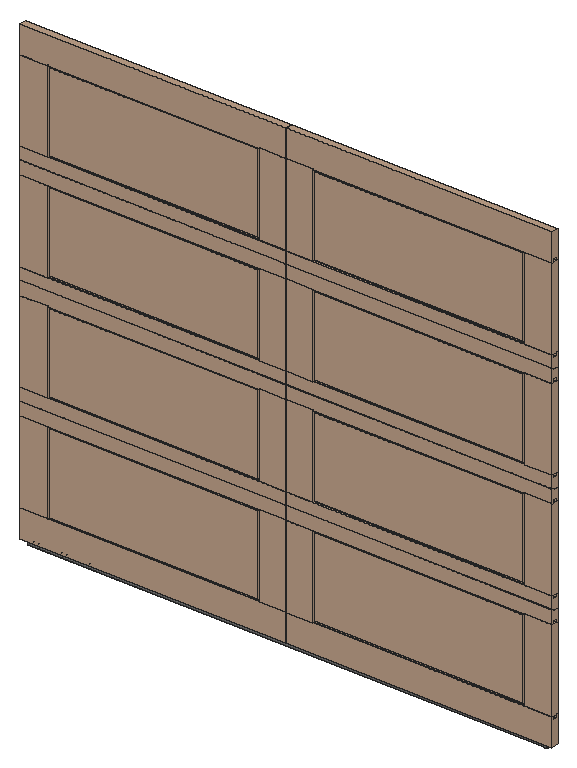
Revit family "GSNGL 4V BARN2", category Doors, host Wall, Revit 2024
Family settings
  Host = Wall
  OmniClass Number = 23.30.10.00
  OmniClass Title = Doors
  Always vertical = Yes
  Cut with Voids When Loaded = No
  Shared = No
  Room Calculation Point = No
Parameters
  Wall Opening [instance] = 4880 mm
  Function = Interior
  Frame Projection Ext. = 25 mm
  Frame Projection Int. = 25 mm
  Frame Width = 75 mm
  Height = 2135 mm
  Wall Closure = By host
  Width = 2440 mm
Reference planes
  plane 1: y = 0
  plane 2 "Center (Left/Right)": x = 0
  plane 3: z = 2135
  plane 4 "Exterior": y = 75
  plane 5 "Interior": y = -75
  plane 6 "Garage Bottom": y = 75
  plane 7: z = 19.954
  plane 8 "Garage Top": z = 2190
  plane 9 "Garage Right": x = -1250
  plane 10 "Garage Left": x = 1250
Forms (mm)
  Extrusion 1, solid, material "VERSAWOOD (TEST)"
    sketch origin (2744.172, 260, 2019.5) x (0, -1, 0) y (-1, 0, 0)
      loop
        line (375, 2742.172) -> (375, 2619.172) -> (380, 2619.172) -> (380, 2634.172) -> (390, 2634.172) -> (400, 2634.172) -> (400, 2619.172) -> (405, 2619.172) -> (405, 2742.172) -> (403, 2744.172) -> (405, 2746.172) -> (405, 2869.172) -> (400, 2869.172) -> (400, 2854.172) -> (390, 2854.172) -> (380, 2854.172) -> (380, 2869.172) -> (375, 2869.172) -> (375, 2746.172) -> (377, 2744.172) -> (375, 2742.172)
      loop
        line (375, 3994.172) -> (375, 3864.172) -> (380, 3864.172) -> (380, 3879.172) -> (390, 3879.172) -> (400, 3879.172) -> (400, 3864.172) -> (405, 3864.172) -> (405, 3994.172) -> (375, 3994.172)
      loop
        line (375, 1494.172) -> (405, 1494.172) -> (405, 1624.172) -> (400, 1624.172) -> (400, 1609.172) -> (390, 1609.172) -> (380, 1609.172) -> (380, 1624.172) -> (375, 1624.172) -> (375, 1494.172)
    from -40.5 to 346
  Extrusion 2, solid, material "VERSAWOOD (TEST 2)"
    sketch origin (1235, -40, 20.546) x (0, -1, 0) y (0, 0, -1)
      loop
        line (75, -2169.454) -> (105, -2169.454) -> (105, -2039.454) -> (100, -2039.454) -> (100, -2054.454) -> (90, -2054.454) -> (80, -2054.454) -> (80, -2039.454) -> (75, -2039.454) -> (75, -2169.454)
    from -2485 to -1235
  Extrusion 3, solid, material "VERSAWOOD (TEST 2)"
    sketch origin (1235, -40, -85.457) x (0, -1, 0) y (0, 0, -1)
      loop
        line (80, -1743.957) -> (100, -1743.957) -> (100, -1758.957) -> (105, -1758.957) -> (105, -1702.957) -> (103, -1702.957)
        arc (103, -1702.957) -> (102.106, -1702.832) -> (101.279, -1702.468) r 3.273
        line (101.279, -1702.468) -> (89.127, -1694.957) -> (75, -1694.957) -> (75, -1758.957) -> (80, -1758.957) -> (80, -1743.957)
      loop
        line (80, -1652.957) -> (80, -1637.957) -> (75, -1637.957) -> (75, -1693.957) -> (88.766, -1693.957)
        arc (88.766, -1693.957) -> (89.387, -1694.043) -> (89.961, -1694.296) r 2.273
        line (89.961, -1694.296) -> (101.805, -1701.617)
        arc (101.805, -1701.617) -> (102.379, -1701.87) -> (103, -1701.957) r 2.273
        line (103, -1701.957) -> (105, -1701.957) -> (105, -1637.957) -> (100, -1637.957) -> (100, -1652.957) -> (80, -1652.957)
    from -2485 to -1235
  Extrusion 4, solid, material "VERSAWOOD (TEST 2)"
    sketch origin (2471, -40, 20.546) x (0, -1, 0) y (0, 0, -1)
      loop
        line (75, -2169.454) -> (105, -2169.454) -> (105, -2039.454) -> (100, -2039.454) -> (100, -2054.454) -> (90, -2054.454) -> (80, -2054.454) -> (80, -2039.454) -> (75, -2039.454) -> (75, -2169.454)
    from -2471 to -1221
  Extrusion 5, solid, material "VERSAWOOD (TEST 2)"
    sketch origin (2471, -40, -85.457) x (0, -1, 0) y (0, 0, -1)
      loop
        line (80, -1743.957) -> (100, -1743.957) -> (100, -1758.957) -> (105, -1758.957) -> (105, -1702.957) -> (103, -1702.957)
        arc (103, -1702.957) -> (102.106, -1702.832) -> (101.279, -1702.468) r 3.273
        line (101.279, -1702.468) -> (89.127, -1694.957) -> (75, -1694.957) -> (75, -1758.957) -> (80, -1758.957) -> (80, -1743.957)
      loop
        line (80, -1652.957) -> (80, -1637.957) -> (75, -1637.957) -> (75, -1693.957) -> (88.766, -1693.957)
        arc (88.766, -1693.957) -> (89.387, -1694.043) -> (89.961, -1694.296) r 2.273
        line (89.961, -1694.296) -> (101.805, -1701.617)
        arc (101.805, -1701.617) -> (102.379, -1701.87) -> (103, -1701.957) r 2.273
        line (103, -1701.957) -> (105, -1701.957) -> (105, -1637.957) -> (100, -1637.957) -> (100, -1652.957) -> (80, -1652.957)
    from -2471 to -1221
  Extrusion 6, solid, material "VERSAWOOD (TEST 2)"
    sketch origin (1235, -40, -592.957) x (0, -1, 0) y (0, 0, -1)
      loop
        line (80, -1743.957) -> (100, -1743.957) -> (100, -1758.957) -> (105, -1758.957) -> (105, -1702.957) -> (103, -1702.957)
        arc (103, -1702.957) -> (102.106, -1702.832) -> (101.279, -1702.468) r 3.273
        line (101.279, -1702.468) -> (89.127, -1694.957) -> (75, -1694.957) -> (75, -1758.957) -> (80, -1758.957) -> (80, -1743.957)
      loop
        line (80, -1652.957) -> (80, -1637.957) -> (75, -1637.957) -> (75, -1693.957) -> (88.766, -1693.957)
        arc (88.766, -1693.957) -> (89.387, -1694.043) -> (89.961, -1694.296) r 2.273
        line (89.961, -1694.296) -> (101.805, -1701.617)
        arc (101.805, -1701.617) -> (102.379, -1701.87) -> (103, -1701.957) r 2.273
        line (103, -1701.957) -> (105, -1701.957) -> (105, -1637.957) -> (100, -1637.957) -> (100, -1652.957) -> (80, -1652.957)
    from -2485 to -1235
  Extrusion 7, solid, material "VERSAWOOD (TEST 2)"
    sketch origin (2471, -40, -592.957) x (0, -1, 0) y (0, 0, -1)
      loop
        line (80, -1743.957) -> (100, -1743.957) -> (100, -1758.957) -> (105, -1758.957) -> (105, -1702.957) -> (103, -1702.957)
        arc (103, -1702.957) -> (102.106, -1702.832) -> (101.279, -1702.468) r 3.273
        line (101.279, -1702.468) -> (89.127, -1694.957) -> (75, -1694.957) -> (75, -1758.957) -> (80, -1758.957) -> (80, -1743.957)
      loop
        line (80, -1652.957) -> (80, -1637.957) -> (75, -1637.957) -> (75, -1693.957) -> (88.766, -1693.957)
        arc (88.766, -1693.957) -> (89.387, -1694.043) -> (89.961, -1694.296) r 2.273
        line (89.961, -1694.296) -> (101.805, -1701.617)
        arc (101.805, -1701.617) -> (102.379, -1701.87) -> (103, -1701.957) r 2.273
        line (103, -1701.957) -> (105, -1701.957) -> (105, -1637.957) -> (100, -1637.957) -> (100, -1652.957) -> (80, -1652.957)
    from -2471 to -1221
  Extrusion 8, solid, material "VERSAWOOD (TEST 2)"
    sketch origin (1235, -40, -1100.957) x (0, -1, 0) y (0, 0, -1)
      loop
        line (80, -1743.957) -> (100, -1743.957) -> (100, -1758.957) -> (105, -1758.957) -> (105, -1702.957) -> (103, -1702.957)
        arc (103, -1702.957) -> (102.106, -1702.832) -> (101.279, -1702.468) r 3.273
        line (101.279, -1702.468) -> (89.127, -1694.957) -> (75, -1694.957) -> (75, -1758.957) -> (80, -1758.957) -> (80, -1743.957)
      loop
        line (80, -1652.957) -> (80, -1637.957) -> (75, -1637.957) -> (75, -1693.957) -> (88.766, -1693.957)
        arc (88.766, -1693.957) -> (89.387, -1694.043) -> (89.961, -1694.296) r 2.273
        line (89.961, -1694.296) -> (101.805, -1701.617)
        arc (101.805, -1701.617) -> (102.379, -1701.87) -> (103, -1701.957) r 2.273
        line (103, -1701.957) -> (105, -1701.957) -> (105, -1637.957) -> (100, -1637.957) -> (100, -1652.957) -> (80, -1652.957)
    from -2485 to -1235
  Extrusion 9, solid, material "VERSAWOOD (TEST 2)"
    sketch origin (2471, -40, -1100.957) x (0, -1, 0) y (0, 0, -1)
      loop
        line (80, -1743.957) -> (100, -1743.957) -> (100, -1758.957) -> (105, -1758.957) -> (105, -1702.957) -> (103, -1702.957)
        arc (103, -1702.957) -> (102.106, -1702.832) -> (101.279, -1702.468) r 3.273
        line (101.279, -1702.468) -> (89.127, -1694.957) -> (75, -1694.957) -> (75, -1758.957) -> (80, -1758.957) -> (80, -1743.957)
      loop
        line (80, -1652.957) -> (80, -1637.957) -> (75, -1637.957) -> (75, -1693.957) -> (88.766, -1693.957)
        arc (88.766, -1693.957) -> (89.387, -1694.043) -> (89.961, -1694.296) r 2.273
        line (89.961, -1694.296) -> (101.805, -1701.617)
        arc (101.805, -1701.617) -> (102.379, -1701.87) -> (103, -1701.957) r 2.273
        line (103, -1701.957) -> (105, -1701.957) -> (105, -1637.957) -> (100, -1637.957) -> (100, -1652.957) -> (80, -1652.957)
    from -2471 to -1221
  Extrusion 10, solid, material "VERSAWOOD (TEST 2)"
    sketch origin (1230, -40, 2189.454) x (0, -1, 0) y (0, 0, -1)
      loop
        line (75, 2169.454) -> (75, 2039.454) -> (80, 2039.454) -> (80, 2054.454) -> (90, 2054.454) -> (100, 2054.454) -> (100, 2039.454) -> (105, 2039.454) -> (105, 2169.454) -> (75, 2169.454)
    from -2480 to -1230
  Extrusion 11, solid, material "VERSAWOOD (TEST 2)"
    sketch origin (-1230, -40, 2189.454) x (0, -1, 0) y (0, 0, 1)
      loop
        line (75, -2169.454) -> (105, -2169.454) -> (105, -2039.454) -> (100, -2039.454) -> (100, -2054.454) -> (90, -2054.454) -> (80, -2054.454) -> (80, -2039.454) -> (75, -2039.454) -> (75, -2169.454)
    from -2480 to -1230
  Extrusion 12, void
    sketch origin (-1240, -40, 20) x (0, 1, 0) y (0, 0, 1)
      loop
        line (-80, 517) -> (-80, 509) -> (-77, 509) -> (-77, 517) -> (-80, 517)
      loop
        line (-103, 517) -> (-103, 509) -> (-100, 509) -> (-100, 517) -> (-103, 517)
      loop
        line (-80, 138) -> (-80, 130) -> (-77, 130) -> (-77, 138) -> (-80, 138)
      loop
        line (-103, 138) -> (-103, 130) -> (-100, 130) -> (-100, 138) -> (-103, 138)
    from 124.14 to 1110
  Extrusion 13, void
    sketch origin (-5, -40, 20) x (0, 1, 0) y (0, 0, 1)
      loop
        line (-80, 517) -> (-80, 509) -> (-77, 509) -> (-77, 517) -> (-80, 517)
      loop
        line (-103, 517) -> (-103, 509) -> (-100, 509) -> (-100, 517) -> (-103, 517)
      loop
        line (-80, 138) -> (-80, 130) -> (-77, 130) -> (-77, 138) -> (-80, 138)
      loop
        line (-103, 138) -> (-103, 130) -> (-100, 130) -> (-100, 138) -> (-103, 138)
    from 133.947 to 1120
  Extrusion 14, void
    sketch origin (-1240, -40, 528) x (0, 1, 0) y (0, 0, 1)
      loop
        line (-80, 517) -> (-80, 509) -> (-77, 509) -> (-77, 517) -> (-80, 517)
      loop
        line (-103, 517) -> (-103, 509) -> (-100, 509) -> (-100, 517) -> (-103, 517)
      loop
        line (-80, 138) -> (-80, 130) -> (-77, 130) -> (-77, 138) -> (-80, 138)
      loop
        line (-103, 138) -> (-103, 130) -> (-100, 130) -> (-100, 138) -> (-103, 138)
    from 125.573 to 1110
  Extrusion 15, void
    sketch origin (-5, -40, 528) x (0, 1, 0) y (0, 0, 1)
      loop
        line (-80, 517) -> (-80, 509) -> (-77, 509) -> (-77, 517) -> (-80, 517)
      loop
        line (-103, 517) -> (-103, 509) -> (-100, 509) -> (-100, 517) -> (-103, 517)
      loop
        line (-80, 138) -> (-80, 130) -> (-77, 130) -> (-77, 138) -> (-80, 138)
      loop
        line (-103, 138) -> (-103, 130) -> (-100, 130) -> (-100, 138) -> (-103, 138)
    from 134.055 to 1120
  Extrusion 16, void
    sketch origin (-5, -40, 1035.5) x (0, 1, 0) y (0, 0, 1)
      loop
        line (-80, 517) -> (-80, 509) -> (-77, 509) -> (-77, 517) -> (-80, 517)
      loop
        line (-103, 517) -> (-103, 509) -> (-100, 509) -> (-100, 517) -> (-103, 517)
      loop
        line (-80, 138) -> (-80, 130) -> (-77, 130) -> (-77, 138) -> (-80, 138)
      loop
        line (-103, 138) -> (-103, 130) -> (-100, 130) -> (-100, 138) -> (-103, 138)
    from 133.994 to 1120
  Extrusion 17, void
    sketch origin (-1240, -40, 1543) x (0, 1, 0) y (0, 0, 1)
      loop
        line (-80, 517) -> (-80, 509) -> (-77, 509) -> (-77, 517) -> (-80, 517)
      loop
        line (-103, 517) -> (-103, 509) -> (-100, 509) -> (-100, 517) -> (-103, 517)
      loop
        line (-80, 138) -> (-80, 130) -> (-77, 130) -> (-77, 138) -> (-80, 138)
      loop
        line (-103, 138) -> (-103, 130) -> (-100, 130) -> (-100, 138) -> (-103, 138)
    from 130 to 1115
  Extrusion 18, void
    sketch origin (-5, -40, 1543) x (0, 1, 0) y (0, 0, 1)
      loop
        line (-80, 517) -> (-80, 509) -> (-77, 509) -> (-77, 517) -> (-80, 517)
      loop
        line (-103, 517) -> (-103, 509) -> (-100, 509) -> (-100, 517) -> (-103, 517)
      loop
        line (-80, 138) -> (-80, 130) -> (-77, 130) -> (-77, 138) -> (-80, 138)
      loop
        line (-103, 138) -> (-103, 130) -> (-100, 130) -> (-100, 138) -> (-103, 138)
    from 133.187 to 1120
  Extrusion 19, void
    sketch origin (-1240, -40, 1035.5) x (0, 1, 0) y (0, 0, 1)
      loop
        line (-80, 517) -> (-80, 509) -> (-77, 509) -> (-77, 517) -> (-80, 517)
      loop
        line (-103, 517) -> (-103, 509) -> (-100, 509) -> (-100, 517) -> (-103, 517)
      loop
        line (-80, 138) -> (-80, 130) -> (-77, 130) -> (-77, 138) -> (-80, 138)
      loop
        line (-103, 138) -> (-103, 130) -> (-100, 130) -> (-100, 138) -> (-103, 138)
    from 125.849 to 1110
  Extrusion 20, void
    sketch origin (5, -40, 1543) x (0, 1, 0) y (0, 0, -1)
      loop
        line (-80, -517) -> (-77, -517) -> (-77, -509) -> (-80, -509) -> (-80, -517)
      loop
        line (-103, -517) -> (-100, -517) -> (-100, -509) -> (-103, -509) -> (-103, -517)
      loop
        line (-80, -138) -> (-77, -138) -> (-77, -130) -> (-80, -130) -> (-80, -138)
      loop
        line (-103, -138) -> (-100, -138) -> (-100, -130) -> (-103, -130) -> (-103, -138)
    from 130 to 1120
  Extrusion 21, solid, material "Rubber"
    sketch origin (0, -29, 0.091) x (0, 1, 0) y (0, 0, 1)
      loop
        line (-111, 19.909) -> (-111, 16.909) -> (-106, 16.909) -> (-106, 14.004)
        spline (-106, 14.004) -> (-109.192, 11.809) -> (-110.848, 8.808) -> (-110.659, 5.562) -> (-108.66, 2.681) -> (-105.226, 0.703) -> (-101, 0) -> (-96.774, 0.703) -> (-93.34, 2.681) -> (-91.341, 5.562) -> (-91.152, 8.808) -> (-92.808, 11.809) -> (-96, 14.004)
        line (-96, 14.004) -> (-96, 16.909) -> (-91, 16.909) -> (-91, 19.909) -> (-111, 19.909)
      loop
        line (-98, 16.909) -> (-104, 16.909) -> (-104, 14.633)
        arc (-104, 14.633) -> (-101, 15.009) -> (-98, 14.633) r 12.129
        line (-98, 14.633) -> (-98, 16.909)
      loop
        spline (-101, 1.513) -> (-98.929, 1.717) -> (-97, 2.316) -> (-95.343, 3.268) -> (-94.072, 4.509) -> (-93.273, 5.954) -> (-93, 7.505) -> (-93.273, 9.055) -> (-94.072, 10.501) -> (-95.343, 11.742) -> (-97, 12.694) -> (-98.929, 13.292) -> (-101, 13.496)
        spline (-101, 13.496) -> (-103.071, 13.292) -> (-105, 12.694) -> (-106.657, 11.742) -> (-107.928, 10.501) -> (-108.727, 9.055) -> (-109, 7.505) -> (-108.727, 5.954) -> (-107.928, 4.509) -> (-106.657, 3.268) -> (-105, 2.316) -> (-103.071, 1.717) -> (-101, 1.513)
    from -1220 to 1220
  Extrusion 22, solid, material "STEEL POWDERCOATED"
    sketch origin (63.5, -115, 798.467) x (1, 0, 0) y (0, 0, -1)
      loop
        line (27.5, -274.033) -> (27.5, -219.033) -> (-27.5, -219.033) -> (-27.5, -274.033) -> (27.5, -274.033)
    from 0 to 5
  Revolve 23, solid, material "STEEL POWDERCOATED"
    sketch origin (63.5, -152.794, 993.467) x (1, 0, 0) y (0, 1, 0)
      loop
        circle (-52.591, 49.785) r 6.993
      axis (0, 49.785) -> (0, 50.785)
    angle from 0 to 360
  Extrusion 24, solid, material "STEEL POWDERCOATED"
    sketch origin (-63.5, -115, 798.467) x (1, 0, 0) y (0, 0, -1)
      loop
        line (27.5, -274.033) -> (27.5, -219.033) -> (-27.5, -219.033) -> (-27.5, -274.033) -> (27.5, -274.033)
    from 0 to 5
  Extrusion 25, void
    sketch origin (-63.5, -115, 121.13) x (1, 0, 0) y (0, 0, -1)
      loop
        circle (0, -942.37) r 4
      loop
        circle (0, -905.37) r 4
    from 0 to 5
  Revolve 26, solid, material "STEEL POWDERCOATED"
    sketch origin (-63.5, -152.794, 993.467) x (1, 0, 0) y (0, 1, 0)
      loop
        circle (-52.591, 49.785) r 6.993
      axis (0, 49.785) -> (0, 50.785)
    angle from 0 to 360
  Extrusion 27, void
    sketch origin (63.5, -115, 121.13) x (-1, 0, 0) y (0, 0, 1)
      loop
        circle (0, 942.37) r 4
      loop
        circle (0, 905.37) r 4
    from 0 to 5
  Extrusion 28, void
    sketch origin (-7863.5, -115, 121.13) x (1, 0, 0) y (0, 0, -1)
      loop
        circle (0, -942.37) r 4
      loop
        circle (0, -905.37) r 4
    from 0 to 5
  Extrusion 29, void
    sketch origin (-7736.5, -115, 121.13) x (-1, 0, 0) y (0, 0, 1)
      loop
        circle (0, 942.37) r 4
      loop
        circle (0, 905.37) r 4
    from 0 to 5
  Extrusion 30, solid, material "VERSAWOOD (TEST)"
    sketch origin (2744.172, 260, 1512) x (0, -1, 0) y (-1, 0, 0)
      loop
        line (375, 2742.172) -> (375, 2619.172) -> (380, 2619.172) -> (380, 2634.172) -> (390, 2634.172) -> (400, 2634.172) -> (400, 2619.172) -> (405, 2619.172) -> (405, 2742.172) -> (403, 2744.172) -> (405, 2746.172) -> (405, 2869.172) -> (400, 2869.172) -> (400, 2854.172) -> (390, 2854.172) -> (380, 2854.172) -> (380, 2869.172) -> (375, 2869.172) -> (375, 2746.172) -> (377, 2744.172) -> (375, 2742.172)
      loop
        line (375, 3994.172) -> (375, 3864.172) -> (380, 3864.172) -> (380, 3879.172) -> (390, 3879.172) -> (400, 3879.172) -> (400, 3864.172) -> (405, 3864.172) -> (405, 3994.172) -> (375, 3994.172)
      loop
        line (375, 1494.172) -> (405, 1494.172) -> (405, 1624.172) -> (400, 1624.172) -> (400, 1609.172) -> (390, 1609.172) -> (380, 1609.172) -> (380, 1624.172) -> (375, 1624.172) -> (375, 1494.172)
    from -40.5 to 346
  Extrusion 31, solid, material "VERSAWOOD (TEST)"
    sketch origin (2744.172, 260, 1004.5) x (0, -1, 0) y (-1, 0, 0)
      loop
        line (375, 2742.172) -> (375, 2619.172) -> (380, 2619.172) -> (380, 2634.172) -> (390, 2634.172) -> (400, 2634.172) -> (400, 2619.172) -> (405, 2619.172) -> (405, 2742.172) -> (403, 2744.172) -> (405, 2746.172) -> (405, 2869.172) -> (400, 2869.172) -> (400, 2854.172) -> (390, 2854.172) -> (380, 2854.172) -> (380, 2869.172) -> (375, 2869.172) -> (375, 2746.172) -> (377, 2744.172) -> (375, 2742.172)
      loop
        line (375, 3994.172) -> (375, 3864.172) -> (380, 3864.172) -> (380, 3879.172) -> (390, 3879.172) -> (400, 3879.172) -> (400, 3864.172) -> (405, 3864.172) -> (405, 3994.172) -> (375, 3994.172)
      loop
        line (375, 1494.172) -> (405, 1494.172) -> (405, 1624.172) -> (400, 1624.172) -> (400, 1609.172) -> (390, 1609.172) -> (380, 1609.172) -> (380, 1624.172) -> (375, 1624.172) -> (375, 1494.172)
    from -40.5 to 346.5
  Extrusion 32, solid, material "VERSAWOOD (TEST)"
    sketch origin (2744.172, 260, 496.5) x (0, -1, 0) y (-1, 0, 0)
      loop
        line (375, 2742.172) -> (375, 2619.172) -> (380, 2619.172) -> (380, 2634.172) -> (390, 2634.172) -> (400, 2634.172) -> (400, 2619.172) -> (405, 2619.172) -> (405, 2742.172) -> (403, 2744.172) -> (405, 2746.172) -> (405, 2869.172) -> (400, 2869.172) -> (400, 2854.172) -> (390, 2854.172) -> (380, 2854.172) -> (380, 2869.172) -> (375, 2869.172) -> (375, 2746.172) -> (377, 2744.172) -> (375, 2742.172)
      loop
        line (375, 3994.172) -> (375, 3864.172) -> (380, 3864.172) -> (380, 3879.172) -> (390, 3879.172) -> (400, 3879.172) -> (400, 3864.172) -> (405, 3864.172) -> (405, 3994.172) -> (375, 3994.172)
      loop
        line (375, 1494.172) -> (405, 1494.172) -> (405, 1624.172) -> (400, 1624.172) -> (400, 1609.172) -> (390, 1609.172) -> (380, 1609.172) -> (380, 1624.172) -> (375, 1624.172) -> (375, 1494.172)
    from -40.5 to 346.5
  Extrusion 33, solid, material "VERSAWOOD (TEST 2)"
    sketch origin (-3690, -40, 1543) x (1, 0, 0) y (0, 1, 0)
      loop
        line (4825, -80) -> (4802, -80) -> (4802, -77) -> (3823, -77) -> (3823, -80) -> (3800, -80) -> (3800, -100) -> (3823, -100) -> (3823, -103) -> (4802, -103) -> (4802, -100) -> (4825, -100) -> (4825, -80)
      loop
        line (3580, -80) -> (3557, -80) -> (3557, -77) -> (2578, -77) -> (2578, -80) -> (2555, -80) -> (2555, -100) -> (2578, -100) -> (2578, -103) -> (3557, -103) -> (3557, -100) -> (3580, -100) -> (3580, -80)
    from 130.5 to 517
  Extrusion 34, solid, material "VERSAWOOD (TEST 2)"
    sketch origin (-3690, -40, 1035.5) x (1, 0, 0) y (0, 1, 0)
      loop
        line (4825, -80) -> (4802, -80) -> (4802, -77) -> (3823, -77) -> (3823, -80) -> (3800, -80) -> (3800, -100) -> (3823, -100) -> (3823, -103) -> (4802, -103) -> (4802, -100) -> (4825, -100) -> (4825, -80)
      loop
        line (3580, -80) -> (3557, -80) -> (3557, -77) -> (2578, -77) -> (2578, -80) -> (2555, -80) -> (2555, -100) -> (2578, -100) -> (2578, -103) -> (3557, -103) -> (3557, -100) -> (3580, -100) -> (3580, -80)
    from 130 to 517
  Extrusion 35, solid, material "VERSAWOOD (TEST 2)"
    sketch origin (-3690, -40, 528) x (1, 0, 0) y (0, 1, 0)
      loop
        line (4825, -80) -> (4802, -80) -> (4802, -77) -> (3823, -77) -> (3823, -80) -> (3800, -80) -> (3800, -100) -> (3823, -100) -> (3823, -103) -> (4802, -103) -> (4802, -100) -> (4825, -100) -> (4825, -80)
      loop
        line (3580, -80) -> (3557, -80) -> (3557, -77) -> (2578, -77) -> (2578, -80) -> (2555, -80) -> (2555, -100) -> (2578, -100) -> (2578, -103) -> (3557, -103) -> (3557, -100) -> (3580, -100) -> (3580, -80)
    from 130 to 517
  Extrusion 36, solid, material "VERSAWOOD (TEST 2)"
    sketch origin (-3690, -40, 20) x (1, 0, 0) y (0, 1, 0)
      loop
        line (4825, -80) -> (4802, -80) -> (4802, -77) -> (3823, -77) -> (3823, -80) -> (3800, -80) -> (3800, -100) -> (3823, -100) -> (3823, -103) -> (4802, -103) -> (4802, -100) -> (4825, -100) -> (4825, -80)
      loop
        line (3580, -80) -> (3557, -80) -> (3557, -77) -> (2578, -77) -> (2578, -80) -> (2555, -80) -> (2555, -100) -> (2578, -100) -> (2578, -103) -> (3557, -103) -> (3557, -100) -> (3580, -100) -> (3580, -80)
    from 130 to 517
  Extrusion 37, solid, material "C88 BOARD"
    sketch origin (3197.218, -109, -1754.548) x (-1, 0, 0) y (0, 0, -1)
      loop
        line (4307.396, -2408.465) -> (4392.218, -2408.465) -> (4392.218, -2352.631) -> (4307.396, -2352.631)
        arc (4307.396, -2352.631) -> (4306.641, -2352.728) -> (4305.935, -2353.011) r 3
        line (4305.935, -2353.011) -> (4297.895, -2357.495) -> (4293.952, -2359.392)
        arc (4293.952, -2359.392) -> (4288.7, -2360.173) -> (4284.002, -2357.699) r 8.539
        arc (4284.002, -2357.699) -> (4283.286, -2357.225) -> (4282.438, -2357.095) r 2
        line (4282.438, -2357.095) -> (4060.452, -2371.348)
        arc (4060.452, -2371.348) -> (4055.734, -2370.5) -> (4051.953, -2367.554) r 10
        arc (4051.953, -2367.554) -> (4039.531, -2360.013) -> (4025.211, -2362.488) r 20.716
        line (4025.211, -2362.488) -> (3992.206, -2380.548) -> (4025.211, -2398.608)
        arc (4025.211, -2398.608) -> (4039.531, -2401.083) -> (4051.953, -2393.543) r 20.716
        arc (4051.953, -2393.543) -> (4055.734, -2390.597) -> (4060.452, -2389.748) r 10
        line (4060.452, -2389.748) -> (4282.438, -2404.001)
        arc (4282.438, -2404.001) -> (4283.286, -2403.871) -> (4284.002, -2403.397) r 2
        arc (4284.002, -2403.397) -> (4288.7, -2400.924) -> (4293.952, -2401.704) r 8.539
        line (4293.952, -2401.704) -> (4297.895, -2403.601) -> (4305.935, -2408.085)
        arc (4305.935, -2408.085) -> (4306.641, -2408.368) -> (4307.396, -2408.465) r 3
      loop
        circle (4182.376, -2380.548) r 4.143
      loop
        circle (4035.037, -2380.548) r 4
      loop
        circle (4329.716, -2380.548) r 4
    from 0 to 6
  Extrusion 38, void
    sketch origin (3189.246, -109, -1834.384) x (0, 1, 0) y (0, 0, -1)
      loop
        line (0, -2471.8) -> (-1.5, -2473.3) -> (0, -2474.8) -> (0, -2471.8)
      loop
        line (0, -2448.967) -> (0, -2445.967) -> (-1.5, -2447.467) -> (0, -2448.967)
    from 4354.246 to 4384.246
  Extrusion 39, void
    sketch origin (4792.077, -109, 176.461) x (-1, 0, 0) y (0, -1, 0)
      loop
        line (5957.077, 1.5) -> (5956.211, 0) -> (5957.077, 0) -> (5957.077, 1.5)
    from 421.622 to 477.455
  Extrusion 40, solid, material "STEEL POWEDERCOATED"
    sketch origin (4817.419, -104, 270.123) x (-1, 0, 0) y (0, 0, -1)
      loop
        line (5956.417, -359.63) -> (5956.417, -352.124) -> (5949.917, -348.372) -> (5943.417, -352.124) -> (5943.417, -359.63) -> (5949.917, -363.383) -> (5956.417, -359.63)
    from 0 to 5
  Extrusion 41, solid, material "STEEL POWEDERCOATED"
    sketch origin (4964.872, -104, 270.123) x (-1, 0, 0) y (0, 0, -1)
      loop
        line (5956.417, -359.63) -> (5956.417, -352.124) -> (5949.917, -348.372) -> (5943.417, -352.124) -> (5943.417, -359.63) -> (5949.917, -363.383) -> (5956.417, -359.63)
    from 0 to 5
  Extrusion 42, solid, material "STEEL POWEDERCOATED"
    sketch origin (5112.098, -104, 270.123) x (-1, 0, 0) y (0, 0, -1)
      loop
        line (5956.417, -359.63) -> (5956.417, -352.124) -> (5949.917, -348.372) -> (5943.417, -352.124) -> (5943.417, -359.63) -> (5949.917, -363.383) -> (5956.417, -359.63)
    from 0 to 5
  Extrusion 43, solid, material "C88 BOARD"
    sketch origin (3197.218, -109, -739.048) x (-1, 0, 0) y (0, 0, -1)
      loop
        line (4307.396, -2408.465) -> (4392.218, -2408.465) -> (4392.218, -2352.631) -> (4307.396, -2352.631)
        arc (4307.396, -2352.631) -> (4306.641, -2352.728) -> (4305.935, -2353.011) r 3
        line (4305.935, -2353.011) -> (4297.895, -2357.495) -> (4293.952, -2359.392)
        arc (4293.952, -2359.392) -> (4288.7, -2360.173) -> (4284.002, -2357.699) r 8.539
        arc (4284.002, -2357.699) -> (4283.286, -2357.225) -> (4282.438, -2357.095) r 2
        line (4282.438, -2357.095) -> (4060.452, -2371.348)
        arc (4060.452, -2371.348) -> (4055.734, -2370.5) -> (4051.953, -2367.554) r 10
        arc (4051.953, -2367.554) -> (4039.531, -2360.013) -> (4025.211, -2362.488) r 20.716
        line (4025.211, -2362.488) -> (3992.206, -2380.548) -> (4025.211, -2398.608)
        arc (4025.211, -2398.608) -> (4039.531, -2401.083) -> (4051.953, -2393.543) r 20.716
        arc (4051.953, -2393.543) -> (4055.734, -2390.597) -> (4060.452, -2389.748) r 10
        line (4060.452, -2389.748) -> (4282.438, -2404.001)
        arc (4282.438, -2404.001) -> (4283.286, -2403.871) -> (4284.002, -2403.397) r 2
        arc (4284.002, -2403.397) -> (4288.7, -2400.924) -> (4293.952, -2401.704) r 8.539
        line (4293.952, -2401.704) -> (4297.895, -2403.601) -> (4305.935, -2408.085)
        arc (4305.935, -2408.085) -> (4306.641, -2408.368) -> (4307.396, -2408.465) r 3
      loop
        circle (4182.376, -2380.548) r 4.143
      loop
        circle (4035.037, -2380.548) r 4
      loop
        circle (4329.716, -2380.548) r 4
    from 0 to 6
  Extrusion 44, void
    sketch origin (3189.246, -109, -818.884) x (0, 1, 0) y (0, 0, -1)
      loop
        line (0, -2471.8) -> (-1.5, -2473.3) -> (0, -2474.8) -> (0, -2471.8)
      loop
        line (0, -2448.967) -> (0, -2445.967) -> (-1.5, -2447.467) -> (0, -2448.967)
    from 4354.246 to 4384.246
  Extrusion 45, void
    sketch origin (4792.077, -109, 1191.961) x (-1, 0, 0) y (0, -1, 0)
      loop
        line (5957.077, 1.5) -> (5956.211, 0) -> (5957.077, 0) -> (5957.077, 1.5)
    from 421.622 to 477.455
  Extrusion 46, solid, material "STEEL POWEDERCOATED"
    sketch origin (4817.419, -104, 1285.623) x (-1, 0, 0) y (0, 0, -1)
      loop
        line (5956.417, -359.63) -> (5956.417, -352.124) -> (5949.917, -348.372) -> (5943.417, -352.124) -> (5943.417, -359.63) -> (5949.917, -363.383) -> (5956.417, -359.63)
    from 0 to 5
  Extrusion 47, solid, material "STEEL POWEDERCOATED"
    sketch origin (4964.872, -104, 1285.623) x (-1, 0, 0) y (0, 0, -1)
      loop
        line (5956.417, -359.63) -> (5956.417, -352.124) -> (5949.917, -348.372) -> (5943.417, -352.124) -> (5943.417, -359.63) -> (5949.917, -363.383) -> (5956.417, -359.63)
    from 0 to 5
  Extrusion 48, solid, material "STEEL POWEDERCOATED"
    sketch origin (5112.098, -104, 1285.623) x (-1, 0, 0) y (0, 0, -1)
      loop
        line (5956.417, -359.63) -> (5956.417, -352.124) -> (5949.917, -348.372) -> (5943.417, -352.124) -> (5943.417, -359.63) -> (5949.917, -363.383) -> (5956.417, -359.63)
    from 0 to 5
  Extrusion 49, solid, material "C88 BOARD"
    sketch origin (-3197.218, -109, -1754.548) x (1, 0, 0) y (0, 0, 1)
      loop
        arc (4307.396, 2408.465) -> (4306.641, 2408.368) -> (4305.935, 2408.085) r 3
        line (4305.935, 2408.085) -> (4297.895, 2403.601) -> (4293.952, 2401.704)
        arc (4293.952, 2401.704) -> (4288.7, 2400.924) -> (4284.002, 2403.397) r 8.539
        arc (4284.002, 2403.397) -> (4283.286, 2403.871) -> (4282.438, 2404.001) r 2
        line (4282.438, 2404.001) -> (4060.452, 2389.748)
        arc (4060.452, 2389.748) -> (4055.734, 2390.597) -> (4051.953, 2393.543) r 10
        arc (4051.953, 2393.543) -> (4039.531, 2401.083) -> (4025.211, 2398.608) r 20.716
        line (4025.211, 2398.608) -> (3992.206, 2380.548) -> (4025.211, 2362.488)
        arc (4025.211, 2362.488) -> (4039.531, 2360.013) -> (4051.953, 2367.554) r 20.716
        arc (4051.953, 2367.554) -> (4055.734, 2370.5) -> (4060.452, 2371.348) r 10
        line (4060.452, 2371.348) -> (4282.438, 2357.095)
        arc (4282.438, 2357.095) -> (4283.286, 2357.225) -> (4284.002, 2357.699) r 2
        arc (4284.002, 2357.699) -> (4288.7, 2360.173) -> (4293.952, 2359.392) r 8.539
        line (4293.952, 2359.392) -> (4297.895, 2357.495) -> (4305.935, 2353.011)
        arc (4305.935, 2353.011) -> (4306.641, 2352.728) -> (4307.396, 2352.631) r 3
        line (4307.396, 2352.631) -> (4392.218, 2352.631) -> (4392.218, 2408.465) -> (4307.396, 2408.465)
      loop
        circle (4182.376, 2380.548) r 4.143
      loop
        circle (4035.037, 2380.548) r 4
      loop
        circle (4329.716, 2380.548) r 4
    from 0 to 6
  Extrusion 50, void
    sketch origin (-3189.246, -109, -1834.384) x (0, 1, 0) y (0, 0, 1)
      loop
        line (0, 2471.8) -> (0, 2474.8) -> (-1.5, 2473.3) -> (0, 2471.8)
      loop
        line (0, 2448.967) -> (-1.5, 2447.467) -> (0, 2445.967) -> (0, 2448.967)
    from 4354.246 to 4384.246
  Extrusion 51, void
    sketch origin (-4792.077, -109, 176.461) x (1, 0, 0) y (0, 1, 0)
      loop
        line (5957.077, -1.5) -> (5957.077, 0) -> (5956.211, 0) -> (5957.077, -1.5)
    from 421.622 to 477.455
  Extrusion 52, solid, material "STEEL POWEDERCOATED"
    sketch origin (-4817.419, -104, 270.123) x (1, 0, 0) y (0, 0, 1)
      loop
        line (5956.417, 359.63) -> (5949.917, 363.383) -> (5943.417, 359.63) -> (5943.417, 352.124) -> (5949.917, 348.372) -> (5956.417, 352.124) -> (5956.417, 359.63)
    from 0 to 5
  Extrusion 53, solid, material "STEEL POWEDERCOATED"
    sketch origin (-4964.872, -104, 270.123) x (1, 0, 0) y (0, 0, 1)
      loop
        line (5956.417, 359.63) -> (5949.917, 363.383) -> (5943.417, 359.63) -> (5943.417, 352.124) -> (5949.917, 348.372) -> (5956.417, 352.124) -> (5956.417, 359.63)
    from 0 to 5
  Extrusion 54, solid, material "STEEL POWEDERCOATED"
    sketch origin (-5112.098, -104, 270.123) x (1, 0, 0) y (0, 0, 1)
      loop
        line (5956.417, 359.63) -> (5949.917, 363.383) -> (5943.417, 359.63) -> (5943.417, 352.124) -> (5949.917, 348.372) -> (5956.417, 352.124) -> (5956.417, 359.63)
    from 0 to 5
  Extrusion 55, solid, material "C88 BOARD"
    sketch origin (-3197.218, -109, -739.048) x (1, 0, 0) y (0, 0, 1)
      loop
        arc (4307.396, 2408.465) -> (4306.641, 2408.368) -> (4305.935, 2408.085) r 3
        line (4305.935, 2408.085) -> (4297.895, 2403.601) -> (4293.952, 2401.704)
        arc (4293.952, 2401.704) -> (4288.7, 2400.924) -> (4284.002, 2403.397) r 8.539
        arc (4284.002, 2403.397) -> (4283.286, 2403.871) -> (4282.438, 2404.001) r 2
        line (4282.438, 2404.001) -> (4060.452, 2389.748)
        arc (4060.452, 2389.748) -> (4055.734, 2390.597) -> (4051.953, 2393.543) r 10
        arc (4051.953, 2393.543) -> (4039.531, 2401.083) -> (4025.211, 2398.608) r 20.716
        line (4025.211, 2398.608) -> (3992.206, 2380.548) -> (4025.211, 2362.488)
        arc (4025.211, 2362.488) -> (4039.531, 2360.013) -> (4051.953, 2367.554) r 20.716
        arc (4051.953, 2367.554) -> (4055.734, 2370.5) -> (4060.452, 2371.348) r 10
        line (4060.452, 2371.348) -> (4282.438, 2357.095)
        arc (4282.438, 2357.095) -> (4283.286, 2357.225) -> (4284.002, 2357.699) r 2
        arc (4284.002, 2357.699) -> (4288.7, 2360.173) -> (4293.952, 2359.392) r 8.539
        line (4293.952, 2359.392) -> (4297.895, 2357.495) -> (4305.935, 2353.011)
        arc (4305.935, 2353.011) -> (4306.641, 2352.728) -> (4307.396, 2352.631) r 3
        line (4307.396, 2352.631) -> (4392.218, 2352.631) -> (4392.218, 2408.465) -> (4307.396, 2408.465)
      loop
        circle (4182.376, 2380.548) r 4.143
      loop
        circle (4035.037, 2380.548) r 4
      loop
        circle (4329.716, 2380.548) r 4
    from 0 to 6
  Extrusion 56, void
    sketch origin (-3189.246, -109, -818.884) x (0, 1, 0) y (0, 0, 1)
      loop
        line (0, 2471.8) -> (0, 2474.8) -> (-1.5, 2473.3) -> (0, 2471.8)
      loop
        line (0, 2448.967) -> (-1.5, 2447.467) -> (0, 2445.967) -> (0, 2448.967)
    from 4354.246 to 4384.246
  Extrusion 57, void
    sketch origin (-4792.077, -109, 1191.961) x (1, 0, 0) y (0, 1, 0)
      loop
        line (5957.077, -1.5) -> (5957.077, 0) -> (5956.211, 0) -> (5957.077, -1.5)
    from 421.622 to 477.455
  Extrusion 58, solid, material "STEEL POWEDERCOATED"
    sketch origin (-4817.419, -104, 1285.623) x (1, 0, 0) y (0, 0, 1)
      loop
        line (5956.417, 359.63) -> (5949.917, 363.383) -> (5943.417, 359.63) -> (5943.417, 352.124) -> (5949.917, 348.372) -> (5956.417, 352.124) -> (5956.417, 359.63)
    from 0 to 5
  Extrusion 59, solid, material "STEEL POWEDERCOATED"
    sketch origin (-4964.872, -104, 1285.623) x (1, 0, 0) y (0, 0, 1)
      loop
        line (5956.417, 359.63) -> (5949.917, 363.383) -> (5943.417, 359.63) -> (5943.417, 352.124) -> (5949.917, 348.372) -> (5956.417, 352.124) -> (5956.417, 359.63)
    from 0 to 5
  Extrusion 60, solid, material "STEEL POWEDERCOATED"
    sketch origin (-5112.098, -104, 1285.623) x (1, 0, 0) y (0, 0, 1)
      loop
        line (5956.417, 359.63) -> (5949.917, 363.383) -> (5943.417, 359.63) -> (5943.417, 352.124) -> (5949.917, 348.372) -> (5956.417, 352.124) -> (5956.417, 359.63)
    from 0 to 5
  Extrusion 61, void
    sketch origin (2, -40, -1503) x (1, 0, 0) y (0, 1, 0)
      loop
        line (620.5, -80) -> (623.5, -77) -> (617.5, -77) -> (620.5, -80)
      loop
        line (719, -80) -> (722, -77) -> (716, -77) -> (719, -80)
      loop
        line (817.5, -80) -> (820.5, -77) -> (814.5, -77) -> (817.5, -80)
      loop
        line (916, -80) -> (919, -77) -> (913, -77) -> (916, -80)
      loop
        line (1014.5, -80) -> (1017.5, -77) -> (1011.5, -77) -> (1014.5, -80)
      loop
        line (522, -80) -> (525, -77) -> (519, -77) -> (522, -80)
      loop
        line (423.5, -80) -> (426.5, -77) -> (420.5, -77) -> (423.5, -80)
      loop
        line (325, -80) -> (328, -77) -> (322, -77) -> (325, -80)
      loop
        line (226.5, -80) -> (229.5, -77) -> (223.5, -77) -> (226.5, -80)
    from 1661 to 2032
  Extrusion 62, void
    sketch origin (2, -40, -995) x (1, 0, 0) y (0, 1, 0)
      loop
        line (620.5, -80) -> (623.5, -77) -> (617.5, -77) -> (620.5, -80)
      loop
        line (719, -80) -> (722, -77) -> (716, -77) -> (719, -80)
      loop
        line (817.5, -80) -> (820.5, -77) -> (814.5, -77) -> (817.5, -80)
      loop
        line (916, -80) -> (919, -77) -> (913, -77) -> (916, -80)
      loop
        line (1014.5, -80) -> (1017.5, -77) -> (1011.5, -77) -> (1014.5, -80)
      loop
        line (522, -80) -> (525, -77) -> (519, -77) -> (522, -80)
      loop
        line (423.5, -80) -> (426.5, -77) -> (420.5, -77) -> (423.5, -80)
      loop
        line (325, -80) -> (328, -77) -> (322, -77) -> (325, -80)
      loop
        line (226.5, -80) -> (229.5, -77) -> (223.5, -77) -> (226.5, -80)
    from 1661 to 2032
  Extrusion 63, void
    sketch origin (2, -40, -487.5) x (1, 0, 0) y (0, 1, 0)
      loop
        line (620.5, -80) -> (623.5, -77) -> (617.5, -77) -> (620.5, -80)
      loop
        line (719, -80) -> (722, -77) -> (716, -77) -> (719, -80)
      loop
        line (817.5, -80) -> (820.5, -77) -> (814.5, -77) -> (817.5, -80)
      loop
        line (916, -80) -> (919, -77) -> (913, -77) -> (916, -80)
      loop
        line (1014.5, -80) -> (1017.5, -77) -> (1011.5, -77) -> (1014.5, -80)
      loop
        line (522, -80) -> (525, -77) -> (519, -77) -> (522, -80)
      loop
        line (423.5, -80) -> (426.5, -77) -> (420.5, -77) -> (423.5, -80)
      loop
        line (325, -80) -> (328, -77) -> (322, -77) -> (325, -80)
      loop
        line (226.5, -80) -> (229.5, -77) -> (223.5, -77) -> (226.5, -80)
    from 1661 to 2032
  Extrusion 64, void
    sketch origin (-1243, -40, -487.5) x (1, 0, 0) y (0, 1, 0)
      loop
        line (620.5, -80) -> (623.5, -77) -> (617.5, -77) -> (620.5, -80)
      loop
        line (719, -80) -> (722, -77) -> (716, -77) -> (719, -80)
      loop
        line (817.5, -80) -> (820.5, -77) -> (814.5, -77) -> (817.5, -80)
      loop
        line (916, -80) -> (919, -77) -> (913, -77) -> (916, -80)
      loop
        line (1014.5, -80) -> (1017.5, -77) -> (1011.5, -77) -> (1014.5, -80)
      loop
        line (522, -80) -> (525, -77) -> (519, -77) -> (522, -80)
      loop
        line (423.5, -80) -> (426.5, -77) -> (420.5, -77) -> (423.5, -80)
      loop
        line (325, -80) -> (328, -77) -> (322, -77) -> (325, -80)
      loop
        line (226.5, -80) -> (229.5, -77) -> (223.5, -77) -> (226.5, -80)
    from 1661 to 2032
  Extrusion 65, void
    sketch origin (-1243, -40, -995) x (1, 0, 0) y (0, 1, 0)
      loop
        line (620.5, -80) -> (623.5, -77) -> (617.5, -77) -> (620.5, -80)
      loop
        line (719, -80) -> (722, -77) -> (716, -77) -> (719, -80)
      loop
        line (817.5, -80) -> (820.5, -77) -> (814.5, -77) -> (817.5, -80)
      loop
        line (916, -80) -> (919, -77) -> (913, -77) -> (916, -80)
      loop
        line (1014.5, -80) -> (1017.5, -77) -> (1011.5, -77) -> (1014.5, -80)
      loop
        line (522, -80) -> (525, -77) -> (519, -77) -> (522, -80)
      loop
        line (423.5, -80) -> (426.5, -77) -> (420.5, -77) -> (423.5, -80)
      loop
        line (325, -80) -> (328, -77) -> (322, -77) -> (325, -80)
      loop
        line (226.5, -80) -> (229.5, -77) -> (223.5, -77) -> (226.5, -80)
    from 1661 to 2032
  Extrusion 66, void
    sketch origin (-1243, -40, -1503) x (1, 0, 0) y (0, 1, 0)
      loop
        line (620.5, -80) -> (623.5, -77) -> (617.5, -77) -> (620.5, -80)
      loop
        line (719, -80) -> (722, -77) -> (716, -77) -> (719, -80)
      loop
        line (817.5, -80) -> (820.5, -77) -> (814.5, -77) -> (817.5, -80)
      loop
        line (916, -80) -> (919, -77) -> (913, -77) -> (916, -80)
      loop
        line (1014.5, -80) -> (1017.5, -77) -> (1011.5, -77) -> (1014.5, -80)
      loop
        line (522, -80) -> (525, -77) -> (519, -77) -> (522, -80)
      loop
        line (423.5, -80) -> (426.5, -77) -> (420.5, -77) -> (423.5, -80)
      loop
        line (325, -80) -> (328, -77) -> (322, -77) -> (325, -80)
      loop
        line (226.5, -80) -> (229.5, -77) -> (223.5, -77) -> (226.5, -80)
    from 1661 to 2032
  Extrusion 67, void
    sketch origin (2, -40, 20) x (1, 0, 0) y (0, 1, 0)
      loop
        line (620.5, -80) -> (623.5, -77) -> (617.5, -77) -> (620.5, -80)
      loop
        line (719, -80) -> (722, -77) -> (716, -77) -> (719, -80)
      loop
        line (817.5, -80) -> (820.5, -77) -> (814.5, -77) -> (817.5, -80)
      loop
        line (916, -80) -> (919, -77) -> (913, -77) -> (916, -80)
      loop
        line (1014.5, -80) -> (1017.5, -77) -> (1011.5, -77) -> (1014.5, -80)
      loop
        line (522, -80) -> (525, -77) -> (519, -77) -> (522, -80)
      loop
        line (423.5, -80) -> (426.5, -77) -> (420.5, -77) -> (423.5, -80)
      loop
        line (325, -80) -> (328, -77) -> (322, -77) -> (325, -80)
      loop
        line (226.5, -80) -> (229.5, -77) -> (223.5, -77) -> (226.5, -80)
    from 1661 to 2032
  Extrusion 68, void
    sketch origin (-1243, -40, 20) x (1, 0, 0) y (0, 1, 0)
      loop
        line (620.5, -80) -> (623.5, -77) -> (617.5, -77) -> (620.5, -80)
      loop
        line (719, -80) -> (722, -77) -> (716, -77) -> (719, -80)
      loop
        line (817.5, -80) -> (820.5, -77) -> (814.5, -77) -> (817.5, -80)
      loop
        line (916, -80) -> (919, -77) -> (913, -77) -> (916, -80)
      loop
        line (1014.5, -80) -> (1017.5, -77) -> (1011.5, -77) -> (1014.5, -80)
      loop
        line (522, -80) -> (525, -77) -> (519, -77) -> (522, -80)
      loop
        line (423.5, -80) -> (426.5, -77) -> (420.5, -77) -> (423.5, -80)
      loop
        line (325, -80) -> (328, -77) -> (322, -77) -> (325, -80)
      loop
        line (226.5, -80) -> (229.5, -77) -> (223.5, -77) -> (226.5, -80)
    from 1661 to 2032
Cuts and joins
  Extrusion 12 cuts Extrusion 8
  Extrusion 12 cuts Extrusion 10
  Extrusion 13 cuts Extrusion 9
  Extrusion 13 cuts Extrusion 11
  Extrusion 14 cuts Extrusion 6
  Extrusion 15, Extrusion 25 cuts Extrusion 7
  Extrusion 16 cuts Extrusion 5
  Extrusion 17 cuts Extrusion 2
  Extrusion 17 cuts Extrusion 3
  Extrusion 18 cuts Extrusion 4
  Extrusion 25 cuts Extrusion 24
  Extrusion 27 cuts Extrusion 22
  Extrusion 18, Extrusion 20, Extrusion 67, Extrusion 68 cuts Extrusion 33
  Extrusion 16 cuts Extrusion 30
  Extrusion 16, Extrusion 19, Extrusion 63, Extrusion 64, Extrusion 65, Extrusion 67 cuts Extrusion 34
  Extrusion 14, Extrusion 15, Extrusion 62, Extrusion 63, Extrusion 65, Extrusion 66 cuts Extrusion 35
  Extrusion 12, Extrusion 13, Extrusion 61, Extrusion 62, Extrusion 66 cuts Extrusion 36
  Extrusion 38, Extrusion 39, Extrusion 50, Extrusion 51 cuts Extrusion 37
  Extrusion 44, Extrusion 45, Extrusion 56, Extrusion 57 cuts Extrusion 43
  Extrusion 50, Extrusion 51 cuts Extrusion 49
  Extrusion 56, Extrusion 57 cuts Extrusion 55
Lines and regions (mm)
  Opening 1
    outline origin (-5000, 75, 0) x (-1, 0, 0) y (0, 0, 1)
      loop
        line (-3780, 0) -> (-3780, 2135) -> (-6220, 2135) -> (-6220, 0) -> (-3780, 0)
  symbolic lines, style "Elevation Swing"
    curve 1: line (-1250, -2275, 1694) -> (1250, -2275, 1694)
    curve 2: line (-1250, -105, 1694) -> (-1250, -2275, 1694)
    curve 3: line (1250, -2275, 1694) -> (1250, -105, 1694)
Text (mm)
  text "Exterior" at (-2295.016, 1099.543, 0), in view "Ref. Level"
  text "Exterior" at (0, 1615.38, 3698.081), in view "Left"
  text "Exterior" at (0, 1036.032, 3874.932), in view "Right"
Dimensions and locks
  host wall to plane 3 = 2135 mm
  locked: plane 4 "Exterior" to host wall
  locked: plane 5 "Interior" to host wall
  plane 3 to level = 2135 mm
  plane 7 to plane 8 "Garage Top" = 2170.046 mm
  level to plane 7 = 19.954 mm
  aligned and locked: plane 1 to host wall
Nested families
  nested 1: "Van Acht Bolt" at (1185, -109, 343.899) x (-1, 0, 0) z (0, 0, 1), type "Van Acht Bolt"
  nested 2: "Van Acht Bolt" at (1185, -109, 851.899) x (-1, 0, 0) z (0, 0, 1), type "Van Acht Bolt"
  nested 3: "Van Acht Bolt" at (1185, -109, 1359.649) x (-1, 0, 0) z (0, 0, 1), type "Van Acht Bolt"
  nested 4: "Van Acht Bolt" at (1185, -109, 1867.149) x (-1, 0, 0) z (0, 0, 1), type "Van Acht Bolt"
  nested 5: "Van Acht Bolt" at (-60, -109, 343.899) x (-1, 0, 0) z (0, 0, 1), type "Van Acht Bolt"
  nested 6: "Van Acht Bolt" at (-60, -109, 1867.149) x (-1, 0, 0) z (0, 0, 1), type "Van Acht Bolt"
  nested 7: "Van Acht Bolt" at (-1185, -109, 343.899) x (-1, 0, 0) z (0, 0, 1), type "Van Acht Bolt"
  nested 8: "Van Acht Bolt" at (-1185, -109, 851.899) x (-1, 0, 0) z (0, 0, 1), type "Van Acht Bolt"
  nested 9: "Van Acht Bolt" at (-1185, -109, 1359.649) x (-1, 0, 0) z (0, 0, 1), type "Van Acht Bolt"
  nested 10: "Van Acht Bolt" at (-1185, -109, 1867.149) x (-1, 0, 0) z (0, 0, 1), type "Van Acht Bolt"
  nested 11: "Van Acht Bolt" at (60, -109, 343.899) x (-1, 0, 0) z (0, 0, 1), type "Van Acht Bolt"
  nested 12: "Van Acht Bolt" at (60, -109, 1867.149) x (-1, 0, 0) z (0, 0, 1), type "Van Acht Bolt"
Definition of nested family "Van Acht Bolt"
  Parameters (values of type "Van Acht Bolt")
    Default Elevation = 0 mm
  Reference planes
    plane 1 "Center (Front/Back)": y = 0
    plane 2: z = 0
    plane 3 "Center (Left/Right)": x = 0
    plane 4: y = 6
    plane 5: y = -6
  Forms (mm)
    Extrusion 1, solid
      sketch origin (0, 6, 0) x (1, 0, 0) y (0, 0, 1)
        loop
          line (16.5, 0) -> (8.25, 14.289) -> (-8.25, 14.289) -> (-16.5, 0) -> (-8.25, -14.289) -> (8.25, -14.289) -> (16.5, 0)
      from 0 to 12
    Extrusion 2, void
      sketch origin (0, 0, 1.765) x (1, 0, 0) y (0, 0, 1)
        loop
          spline (11.983, -1.765) -> (11.575, 0.302) -> (10.378, 2.229) -> (8.473, 3.883) -> (5.992, 5.153) -> (3.101, 5.951) -> (0, 6.223) -> (-3.101, 5.951) -> (-5.992, 5.153) -> (-8.473, 3.883) -> (-10.378, 2.229) -> (-11.575, 0.302) -> (-11.983, -1.765)
          spline (-11.983, -1.765) -> (-11.575, -3.833) -> (-10.378, -5.76) -> (-8.473, -7.414) -> (-5.992, -8.684) -> (-3.101, -9.482) -> (0, -9.754) -> (3.101, -9.482) -> (5.992, -8.684) -> (8.473, -7.414) -> (10.378, -5.76) -> (11.575, -3.833) -> (11.983, -1.765)
        loop
          spline (-9.586, -1.765) -> (-9.351, -2.94) -> (-8.566, -4.191) -> (-7.144, -5.42) -> (-5.13, -6.446) -> (-2.68, -7.123) -> (0, -7.358) -> (2.68, -7.122) -> (5.13, -6.446) -> (7.144, -5.42) -> (8.566, -4.191) -> (9.351, -2.94) -> (9.586, -1.765)
          spline (9.586, -1.765) -> (9.351, -0.591) -> (8.566, 0.66) -> (7.144, 1.889) -> (5.13, 2.915) -> (2.68, 3.591) -> (0, 3.827) -> (-2.68, 3.591) -> (-5.13, 2.915) -> (-7.144, 1.889) -> (-8.566, 0.66) -> (-9.351, -0.591) -> (-9.586, -1.765)
        loop
          circle (-8.643, 2.268) r 0.799
        loop
          circle (0, 5.025) r 0.799
        loop
          circle (4.597, 4.364) r 0.799
        loop
          circle (8.643, 2.268) r 0.799
        loop
          circle (10.785, -1.765) r 0.799
        loop
          circle (8.642, -5.802) r 0.799
        loop
          circle (4.596, -7.898) r 0.799
        loop
          line (5.394, -5.472) -> (6.11, -5.114) -> (2.449, 3.092) -> (-2.344, -4.884) -> (-5.37, 1.913) -> (-6.1, 1.589) -> (-2.449, -6.611) -> (0.222, -2.165) -> (3.919, -2.165) -> (5.394, -5.472)
        loop
          line (3.563, -1.366) -> (2.344, 1.366) -> (0.702, -1.366) -> (3.563, -1.366)
        loop
          circle (-8.643, -5.799) r 0.799
        loop
          circle (-10.785, -1.765) r 0.799
        loop
          circle (-4.598, -7.896) r 0.799
        loop
          circle (0, -8.556) r 0.799
        loop
          circle (-4.597, 4.364) r 0.799
      from 5.5 to 20
    Sweep 3, void
      path origin (0, -6, 14.289) x (0, 0, -1) y (-1, 0, 0)
        loop
          circle (14.289, 0) r 13
      profile origin (0, -6, -13) x (0, 0, 1) y (0, 1, 0)
        loop
          line (1.274, -0.736) -> (-8.726, 5.038) -> (-8.726, -0.736) -> (1.274, -0.736)
  Cuts and joins
    Extrusion 2, Sweep 3 cuts Extrusion 1
  Dimensions and locks
    aligned and locked: level to plane 2
